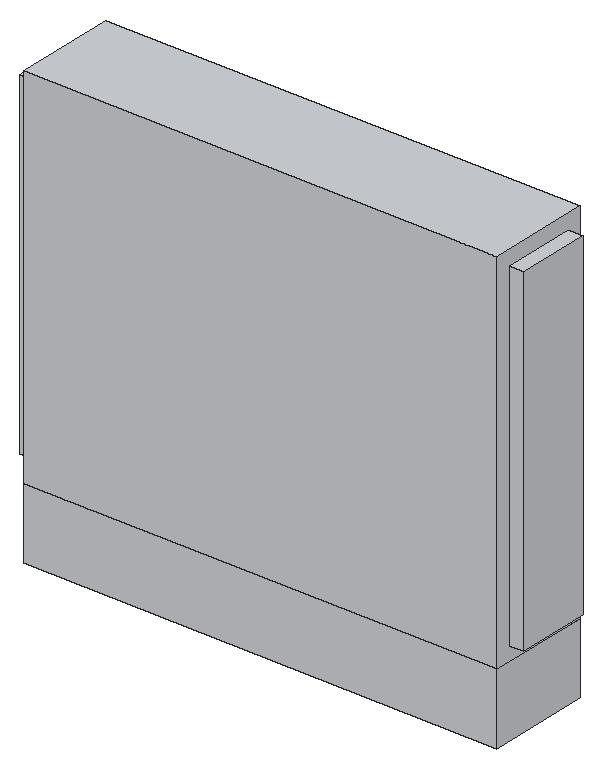
Revit family "Filtro HEPA AHU - HDT", category Equipamento mecânico, Revit 2019
Family settings
  Cota do conector redondo = Utilizar diâmetro
  Tipo de parte = Normal
  ID de item do Seek = AHU Filter - Cartridge-0000-CAN-ENU
  Com base no plano de trabalho = Não
  Sempre na vertical = Sim
  Corte com vazios quando carregada = Não
  Compartilhado = Não
  Ponto de cálculo do ambiente = Não
Parameters (values of type "Padrão")
  Material base = none
  Queda de pressão do ar [instance] = 125.0 Pa
  Largura do filtro = 175 mm
  Material do filtro = none
  Comprimento do filtro = 800 mm
  Altura do filtro = 745 mm
  Largura do duto = 800 mm
  Altura do duto = 625 mm
  Altura base = 120 mm
  Velocidade do ar [instance] = 2.54 m/s
  Fluxo de ar [instance] = Velocidade do ar * Altura do duto * Largura do duto  # 1270.0 L/s
Reference planes
  plane 1 "Parte frontal": y = 0
  plane 2: z = 0
  plane 3 "Centro (direita/esquerda)": x = 0
  plane 4: x = -400
  plane 5: x = 400
  plane 6 "Parte posterior": y = 175
  plane 7 "Superior": z = 745
  plane 8: y = 149.6
  plane 9: z = 719.6
  plane 10: z = 25.4
  plane 11 "Direita": x = 425.4
  plane 12 "Esquerda": x = -425.4
  plane 13: x = -400
  plane 14: x = 400
  plane 15 "Inferior": z = 0
  plane 16 "Base": z = 120
  plane 17: z = 145
  plane 18 "Centro (Frente/Trás)": y = 87.5
  plane 19: y = 25
Forms (mm)
  Extrusion 1, solid, material <- "Material do filtro", detail levels medium+fine
    sketch origin (0, 0, 0) x (1, 0, 0) y (0, 1, 0)
      loop
        line (-400, 175) -> (-400, 0) -> (400, 0) -> (400, 175) -> (-400, 175)
    from 120 to 745
  Extrusion 2, solid, material <- "Material do filtro", detail levels medium+fine
    sketch origin (0, 0, 0) x (0, 1, 0) y (0, 0, 1)
      loop
        line (25, 719.6) -> (25, 145) -> (149.6, 145) -> (149.6, 719.6) -> (25, 719.6)
    from 400 to 425.4
  Extrusion 3, solid, material <- "Material do filtro", detail levels medium+fine
    sketch origin (0, 0, 0) x (0, 1, 0) y (0, 0, 1)
      loop
        line (149.6, 719.6) -> (25, 719.6) -> (25, 145) -> (149.6, 145) -> (149.6, 719.6)
    from -425.4 to -400
  Extrusion 4, solid, material <- "Material do filtro", detail levels coarse
    sketch origin (0, 0, 0) x (1, 0, 0) y (0, 1, 0)
      loop
        line (-425.4, 175) -> (-425.4, 0) -> (425.4, 0) -> (425.4, 175) -> (-425.4, 175)
    from 120 to 745
  Extrusion 5, solid, material <- "Material base"
    sketch origin (0, 0, 0) x (1, 0, 0) y (0, 1, 0)
      loop
        line (-400, 175) -> (-400, 0) -> (400, 0) -> (400, 175) -> (-400, 175)
    from 0 to 120
Cuts and joins
  joined: Extrusion 1, Extrusion 2, Extrusion 3
Dimensions and locks
  equal spacing: plane 4, plane 3 "Centro (direita/esquerda)", plane 5
  "Largura do filtro": plane 6 "Parte posterior" to plane 1 "Parte frontal"
  "Altura do filtro": plane 7 "Superior" to plane 2
  locked: plane 8 to plane 6 "Parte posterior" at 25.4
  locked: plane 7 "Superior" to plane 9 at 25.4
  locked: plane 10 to plane 2 at 25.4
  locked: plane 5 to plane 11 "Direita" at 25.4
  locked: plane 12 "Esquerda" to plane 4 at 25.4
  equal spacing: plane 14, plane 3 "Centro (direita/esquerda)", plane 13
  "Largura do duto": plane 14 to plane 13
  "Altura base": plane 16 "Base" to plane 15 "Inferior"
  locked: plane 17 to plane 16 "Base" at 25
  locked: plane 19 to plane 1 "Parte frontal" at 25
  equal spacing: plane 5, plane 3 "Centro (direita/esquerda)", plane 4
  "Comprimento do filtro": plane 5 to plane 4
  equal spacing: plane 6 "Parte posterior", plane 18 "Centro (Frente/Trás)", plane 1 "Parte frontal"
  aligned and locked: plane 7 "Superior" to Extrusion 1
  aligned and locked: plane 1 "Parte frontal" to Extrusion 1
  aligned and locked: plane 6 "Parte posterior" to Extrusion 1
  aligned and locked: plane 11 "Direita" to Extrusion 2
  aligned and locked: plane 8 to Extrusion 2
  aligned and locked: Extrusion 2 to plane 5
  aligned and locked: Extrusion 3 to plane 12 "Esquerda"
  aligned and locked: plane 8 to Extrusion 3
  aligned and locked: plane 4 to Extrusion 3
  aligned and locked: Extrusion 4 to plane 12 "Esquerda"
  aligned and locked: plane 6 "Parte posterior" to Extrusion 4
  aligned and locked: plane 11 "Direita" to Extrusion 4
  aligned and locked: plane 1 "Parte frontal" to Extrusion 4
  aligned and locked: plane 6 "Parte posterior" to cut or joined group of Extrusion 1, Extrusion 2, Extrusion 3
  aligned and locked: plane 7 "Superior" to Extrusion 4
  aligned and locked: Extrusion 2 to Extrusion 3  (x2)
  aligned and locked: Extrusion 3 to plane 19
  aligned and locked: Extrusion 4 to plane 16 "Base"
  aligned and locked: cut or joined group of Extrusion 1, Extrusion 2, Extrusion 3 to plane 16 "Base"
  aligned and locked: plane 16 "Base" to Extrusion 5
  aligned and locked: Extrusion 5 to plane 15 "Inferior"
Automatic sketch dimensions
  Extrusion 1 sketch curve to plane 4 = 0 mm
  plane 1 "Parte frontal" to Extrusion 1 sketch curve = 0 mm
  Extrusion 1 sketch curve to plane 5 = 0 mm
  Extrusion 1 sketch curve to plane 6 "Parte posterior" = 0 mm
  Extrusion 2 sketch curve to plane 9 = 0 mm
  Extrusion 2 sketch curve to plane 19 = 0 mm
  Extrusion 2 sketch curve to plane 8 = 0 mm
  Extrusion 2 sketch curve to plane 17 = 0 mm
  Extrusion 3 sketch curve to plane 9 = 0 mm
  Extrusion 3 sketch curve to plane 19 = 0 mm
  Extrusion 3 sketch curve to plane 8 = 0 mm
  Extrusion 3 sketch curve to plane 17 = 0 mm
  Extrusion 4 sketch curve to plane 6 "Parte posterior" = 0 mm
  Extrusion 4 sketch curve to plane 12 "Esquerda" = 0 mm
  plane 1 "Parte frontal" to Extrusion 4 sketch curve = 0 mm
  Extrusion 4 sketch curve to plane 11 "Direita" = 0 mm
  Extrusion 5 sketch curve to plane 4 = 0 mm
  plane 1 "Parte frontal" to Extrusion 5 sketch curve = 0 mm
  Extrusion 5 sketch curve to plane 5 = 0 mm
  Extrusion 5 sketch curve to plane 6 "Parte posterior" = 0 mm
Connectors
  hvac at (0, 0, 432.5), driven by "Altura do duto", driven by "Largura do duto", driven by "Fluxo de ar"
    settings: on cut or joined group of Extrusion 1, Extrusion 2, Extrusion 3, index 1, duct flow 1270.0 L/s, flow factor 0, pres drop 0.0 Pa, loss coef 0, conn angle 0.00°, conn width 800 mm, conn height 625 mm, conn diameter 609.6 mm, duct sys type 1, conn prof type 1, flow config 0, flow direction 0, loss method 0, conn ref index 2, conn util no, is conn primary yes, conn desc ""
  hvac at (0, 175, 432.5), driven by "Altura do duto", driven by "Largura do duto", driven by "Fluxo de ar", driven by "Queda de pressão do ar"
    settings: on cut or joined group of Extrusion 1, Extrusion 2, Extrusion 3, index 2, duct flow 1270.0 L/s, flow factor 0, pres drop 125.0 Pa, loss coef 0, conn angle 0.00°, conn width 800 mm, conn height 625 mm, conn diameter 609.6 mm, duct sys type 1, conn prof type 1, flow config 0, flow direction 0, loss method 4, conn ref index 1, conn util no, is conn primary no, conn desc ""
Types in the file's own list only (18): name | Comprimento do filtro | Altura do filtro | Largura do duto | Altura do duto
  Para 0.24 metros quadrados de serpentina | 800 mm | 745 mm | 800 mm | 625 mm
  Para 0.31 metros quadrados de serpentina | 975 mm | 745 mm | 975 mm | 625 mm
  Para 0.47 metros quadrados de serpentina | 1325 mm | 745 mm | 1325 mm | 625 mm
  Para 0.67 metros quadrados de serpentina | 1325 mm | 920 mm | 1325 mm | 800 mm
  Para 0.78 metros quadrados de serpentina | 1500 mm | 920 mm | 1500 mm | 800 mm
  Para 0.98 metros quadrados de serpentina | 1500 mm | 1095 mm | 1500 mm | 975 mm
  Para 1.13 metros quadrados de serpentina | 1675 mm | 1095 mm | 1675 mm | 975 mm
  Para 1.57 metros quadrados de serpentina | 1850 mm | 1270 mm | 1850 mm | 1150 mm
  Para 1.88 metros quadrados de serpentina | 1675 mm | 1620 mm | 1675 mm | 1500 mm
  Para 2.12 metros quadrados de serpentina | 1850 mm | 1620 mm | 1850 mm | 1500 mm
  Para 2.44 metros quadrados de serpentina | 2025 mm | 1795 mm | 2025 mm | 1675 mm
  Para 2.88 metros quadrados de serpentina | 2025 mm | 1970 mm | 2025 mm | 1850 mm
  Para 3.17 metros quadrados de serpentina | 2200 mm | 1970 mm | 2200 mm | 1850 mm
  Para 3.46 metros quadrados de serpentina | 2375 mm | 1970 mm | 2375 mm | 1850 mm
  Para 3.86 metros quadrados de serpentina | 2375 mm | 2145 mm | 2375 mm | 2025 mm
  Para 4.19 metros quadrados de serpentina | 2375 mm | 2320 mm | 2375 mm | 2200 mm
  Para 5.25 metros quadrados de serpentina | 2900 mm | 2320 mm | 2900 mm | 2200 mm
  Para 6.16 metros quadrados de serpentina | 2900 mm | 2670 mm | 2900 mm | 2550 mm
